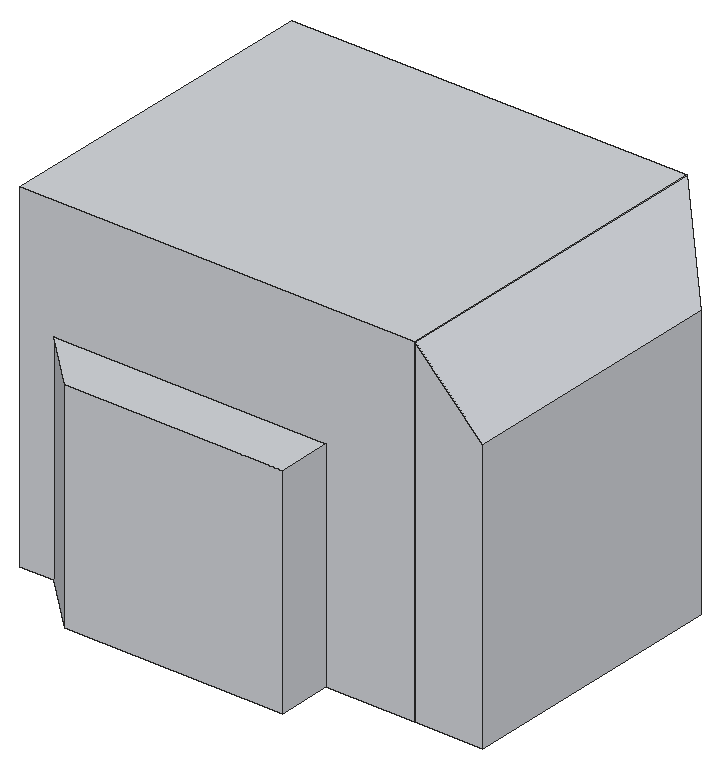
Revit family "矩形四通 - 单边 - 过渡件 - 底对齐", category 风管管件, Revit 2020
Family settings
  圆形连接件大小 = 使用直径
  零件类型 = 多个端口
  基于工作平面 = 否
  总是垂直 = 是
  加载时剪切的空心 = 否
  共享 = 否
Parameters (values of type "标准")
  默认高程 = 0 mm
  可见性 [instance] = not(风管高度 3 = 风管高度 4)  # yes
  偏移 9 [instance] = -半宽度 1 * 0.5  # -125 mm
  偏移 8 [instance] = 风管高度 4 * 0.5  # 125 mm
  偏移 7 [instance] = 风管高度 3 * 0.5  # 160 mm
  偏移 6 [instance] = -(风管高度 1 - 风管高度 4) * 0.5  # -125 mm
  偏移 5 [instance] = -(风管高度 1 - 风管高度 3) * 0.5  # -90 mm
  偏移 4 [instance] = (基座宽度 4 - 风管宽度 4) / 2  # 165 mm
  偏移 3 [instance] = -(基座宽度 3 - 风管宽度 3) / 2  # -165 mm
  偏移 2 [instance] = -(风管高度 1 - 风管高度 2) * 0.5  # -50 mm
  偏移 12 [instance] = -半高 2 * 0.5 + 偏移 2  # -150 mm
  偏移 11 [instance] = -半宽度 2 * 0.5 + 偏移 1  # -150 mm
  偏移 10 [instance] = -一半高度 1 * 0.5  # -125 mm
  偏移 1 [instance] = -(风管宽度 1 - 风管宽度 2) * 0.5  # -50 mm
  最大长度 34 [instance] = if(长度 3 > 长度 4, 长度 3 + 风管宽度 3 * 0.5, 长度 4 + 风管宽度 4 * 0.5)  # 490 mm
  最大风管高度 34 [instance] = if(风管高度 3 = 风管高度 4, 0.2 mm, if(偏移 7 > 偏移 8, 风管高度 1 * 0.5 - 偏移 8, 风管高度 1 * 0.5 - 偏移 7))  # 125 mm
  最大风管宽度 34 [instance] = if(风管宽度 3 > 风管宽度 4, 风管宽度 3 + 最大长度 34, 风管宽度 4 + 最大长度 34)  # 810 mm
  长度 5 [instance] = 25 mm  # constant formula
  长度 4 [instance] = if(风管宽度 4 * 0.25 < 75 mm, 75 mm + 风管宽度 1 * 0.5, 风管宽度 4 * 0.25 + 风管宽度 1 * 0.5)  # 325 mm
  长度 2 [instance] = if(abs(风管宽度 1 - 风管宽度 2) < 25 mm, 25 mm, if(abs(风管宽度 1 - 风管宽度 2) > 300 mm, 300 mm, abs(风管宽度 1 - 风管宽度 2)))  # 100 mm
  半宽度 4 [instance] = 风管宽度 4 * 0.5  # 125 mm
  半宽度 3 [instance] = 风管宽度 3 * 0.5  # 160 mm
  半宽度 2 [instance] = 风管宽度 2 * 0.5  # 200 mm
  半宽度 1 [instance] = 风管宽度 1 * 0.5  # 250 mm
  半高 2 [instance] = 风管高度 2 * 0.5  # 200 mm
  一半高度 1 [instance] = 风管高度 1 * 0.5  # 250 mm
  风管宽度 4 [instance] = 250 mm
  风管宽度 3 [instance] = 320 mm
  风管宽度 1 [instance] = 500 mm
  长度 3 [instance] = if(风管宽度 3 * 0.25 < 75 mm, 75 mm + 风管宽度 1 * 0.5, 风管宽度 3 * 0.25 + 风管宽度 1 * 0.5)  # 330 mm
  最大基准宽度 34 [instance] = if(基座宽度 3 > 基座宽度 4, 基座宽度 3, 基座宽度 4)  # 650 mm
  长度 1 [instance] = 最大长度 34 - 风管宽度 1 * 0.5 + 50 mm  # 290 mm
  风管宽度 2 [instance] = 400 mm
  风管高度 4 [instance] = 250 mm
  风管高度 3 [instance] = 320 mm
  风管高度 2 [instance] = 400 mm
  风管高度 1 [instance] = 500 mm
  基座宽度 4 [instance] = 长度 3 + 风管宽度 4  # 580 mm
  基座宽度 3 [instance] = 长度 3 + 风管宽度 3  # 650 mm
Reference planes
  plane 1 "中心(前/后)": y = 0
  plane 2: z = 0
  plane 3 "中心(左/右)": x = 0
  plane 4: x = -290
  plane 5: y = 325
  plane 6: x = 290
  plane 7: y = -330
  plane 8: z = 250
  plane 9: z = -250
  plane 10: x = 390
  plane 11: z = -90
  plane 12: z = -125
  plane 13: z = -125
  plane 14: z = -50
Forms (mm)
  Extrusion 1, void
    sketch origin (0, 0, 0) x (1, 0, 0) y (0, 1, 0)
      loop
        line (-290, 325) -> (-940, 325) -> (-940, -330) -> (-290, -330) -> (-290, 325)
    from -250 to 250
  Sweep 2, solid, detail levels medium+fine
    path in 3D
      loop
        line (-290, 0, 0) -> (290, 0, 0)
    profile "风管 - 矩形 : 风管 - 矩形 1" origin (0, 0, 0) x (0, 1, 0) y (0, 0, 1)
      loop
        line (-250, 250) -> (-250, -250) -> (250, -250) -> (250, 250) -> (-250, 250)
  SweptBlend 3, solid, detail levels medium+fine
    path in 3D
      loop
        line (0, 0, 0) -> (0, 325, 0)
    profile "风管 - 矩形 : 风管 - 基准 4" origin (0, 0, 0) x (-1, 0, 0) y (0, 0, 1)
      loop
        line (-125, 0) -> (-125, -250) -> (455, -250) -> (455, 0) -> (-125, 0)
    end profile "风管 - 矩形 : 风管 - 矩形 4" origin (0, 325, 0) x (-1, 0, 0) y (0, 0, 1)
      loop
        line (-125, 0) -> (-125, -250) -> (125, -250) -> (125, 0) -> (-125, 0)
  SweptBlend 4, solid, detail levels medium+fine
    path in 3D
      loop
        line (0, 0, 0) -> (0, -330, 0)
    profile "风管 - 矩形 : 风管 - 基准 3" origin (0, 0, 0) x (1, 0, 0) y (0, 0, 1)
      loop
        line (-490, 70) -> (-490, -250) -> (160, -250) -> (160, 70) -> (-490, 70)
    end profile "风管 - 矩形 : 风管 - 矩形 3" origin (0, -330, 0) x (1, 0, 0) y (0, 0, 1)
      loop
        line (-160, 70) -> (-160, -250) -> (160, -250) -> (160, 70) -> (-160, 70)
  Sweep 5, solid, not visible
    path in 3D
      loop
        line (-290, 0, 0) -> (290, 0, 0)
    profile origin (0, 0, 0) x (0, 1, 0) y (0, 0, 1)
      loop
        circle (0, 0) r 5
  SweptBlend 6, solid, detail levels medium+fine
    path in 3D
      loop
        line (290, 0, 0) -> (390, 0, 0)
    profile "风管 - 矩形 : 风管 - 矩形 1" origin (290, 0, 0) x (0, 1, 0) y (0, 0, 1)
      loop
        line (-250, 250) -> (-250, -250) -> (250, -250) -> (250, 250) -> (-250, 250)
    end profile "风管 - 矩形 : 风管 - 矩形 2" origin (390, 0, 0) x (0, 1, 0) y (0, 0, 1)
      loop
        line (-250, 150) -> (-250, -250) -> (150, -250) -> (150, 150) -> (-250, 150)
  SweptBlend 7, solid, not visible
    path in 3D
      loop
        line (290, 0, 0) -> (390, 0, 0)
    profile "风管 - 矩形 : 风管 - 一半 1" origin (290, 0, 0) x (0, 1, 0) y (0, 0, 1)
      loop
        line (-250, 0) -> (-250, -250) -> (0, -250) -> (0, 0) -> (-250, 0)
    end profile "风管 - 矩形 : 风管 - 一半 2" origin (390, 0, 0) x (0, 1, 0) y (0, 0, 1)
      loop
        line (-250, -50) -> (-250, -250) -> (-50, -250) -> (-50, -50) -> (-250, -50)
Cuts and joins
  Extrusion 1 cuts SweptBlend 3
  Extrusion 1 cuts SweptBlend 4
  joined: Sweep 2, SweptBlend 3, SweptBlend 4
Lines and regions (mm)
  reference lines
    curve 1: line (0, 0, 0) -> (0, 325, 0)
    curve 2: line (0, 0, 0) -> (0, -330, 0)
    curve 11: line (290, 0, 0) -> (390, 0, 0)
  model lines, style "DuctFitting"
    curve 3: line (-290, 0, 0) -> (290, 0, 0)
    curve 5: line (0, -330, -90) -> (0, 0, -90)
    curve 6: line (0, 325, -125) -> (0, 0, -125)
    curve 14: line (390, -50, -50) -> (290, 0, 0)
    curve 15: line (390, -50, -50) -> (290, 0, 0)
  sketch lines
    curve 4: line (-290, 0, 0) -> (290, 0, 0)
    curve 8: line (0, 0, 0) -> (0, 325, 0)
    curve 9: line (0, 0, 0) -> (0, -330, 0)
    curve 10: line (-290, 0, 0) -> (290, 0, 0)
    curve 12: line (290, 0, 0) -> (390, 0, 0)
    curve 13: line (290, 0, 0) -> (390, 0, 0)
  model lines, style "DuctFitting", visible <- "可见性"
    curve 7: line (0, 0, -125) -> (0, 0, 0)
Dimensions and locks
  "长度 4": plane 1 "中心(前/后)" to plane 5
  "长度 3": plane 7 to plane 1 "中心(前/后)"
  equal spacing: plane 4, plane 3 "中心(左/右)", plane 6
  "长度 1": plane 4 to plane 3 "中心(左/右)"
  equal spacing: plane 8, level, plane 9
  "风管高度 1": plane 8 to plane 9
  "长度 2": plane 6 to plane 10
  "最大基准宽度 34": Extrusion 1 sketch curve to plane 4
  "偏移 7": plane 11 to plane 9
  "偏移 8": plane 12 to plane 9
  "最大风管高度 34": plane 2 to plane 13
  "半高 2": plane 14 to plane 9
  radius of Sweep 5 sketch curve = 5 mm
  aligned and locked: plane 5 to curve 1
  aligned and locked: plane 7 to curve 2
  aligned and locked: plane 5 to Extrusion 1 sketch curve
  aligned and locked: Extrusion 1 sketch curve to plane 7
  aligned and locked: plane 4 to Extrusion 1 sketch curve
  aligned and locked: plane 8 to Extrusion 1
  aligned and locked: Extrusion 1 to plane 9
  aligned and locked: plane 6 to curve 3
  aligned and locked: plane 4 to curve 3
  aligned and locked: plane 1 "中心(前/后)" to curve 3
  aligned and locked: plane 1 "中心(前/后)" to curve 5
  aligned and locked: plane 7 to curve 5
  aligned and locked: plane 3 "中心(左/右)" to curve 5
  aligned and locked: plane 1 "中心(前/后)" to curve 6
  aligned and locked: plane 5 to curve 6
  aligned and locked: curve 6 to plane 3 "中心(左/右)"
  aligned and locked: plane 13 to curve 7
  aligned and locked: plane 2 to curve 7
  aligned and locked: plane 3 "中心(左/右)" to curve 7
  aligned and locked: plane 2 to Sweep 5 sketch curve
  aligned and locked: plane 1 "中心(前/后)" to Sweep 5 sketch curve
  aligned and locked: plane 10 to curve 11
  aligned and locked: plane 6 to curve 11
  aligned and locked: plane 1 "中心(前/后)" to curve 11
  aligned and locked: curve 14 to SweptBlend 7
  aligned and locked: curve 15 to SweptBlend 7
Automatic sketch dimensions
  curve 1 to plane 3 "中心(左/右)" = 0 mm
  plane 1 "中心(前/后)" to curve 2 = 0 mm
  curve 14 to SweptBlend 7 = 0 mm  (x2)
  curve 15 to SweptBlend 7 = 0 mm  (x2)
Connectors
  hvac at (-290, 0, 0), driven by "风管高度 1", driven by "风管宽度 1"
    settings: on cut or joined group of Extrusion 1, Sweep 2, SweptBlend 3, SweptBlend 4, index 1, duct flow 0.0 L/s, flow factor 0, pres drop 0.0 Pa, loss coef 0, conn angle 0.00°, conn width 500 mm, conn height 500 mm, conn diameter 609.6 mm, duct sys type 28, conn prof type 1, flow config 0, flow direction 0, loss method 0, conn ref index 2, conn util no, is conn primary yes, conn desc ""
  hvac at (390, -50, -50), driven by "风管高度 2", driven by "风管宽度 2"
    settings: on SweptBlend 6, index 2, duct flow 0.0 L/s, flow factor 0, pres drop 0.0 Pa, loss coef 0, conn angle 0.00°, conn width 400 mm, conn height 400 mm, conn diameter 609.6 mm, duct sys type 28, conn prof type 1, flow config 0, flow direction 0, loss method 0, conn ref index 1, conn util no, is conn primary no, conn desc ""
  hvac at (0, -330, -90), driven by "风管高度 3", driven by "风管宽度 3"
    settings: on cut or joined group of Extrusion 1, Sweep 2, SweptBlend 3, SweptBlend 4, index 3, duct flow 0.0 L/s, flow factor 0, pres drop 0.0 Pa, loss coef 0, conn angle 0.00°, conn width 320 mm, conn height 320 mm, conn diameter 609.6 mm, duct sys type 28, conn prof type 1, flow config 0, flow direction 0, loss method 0, conn ref index 4, conn util no, is conn primary no, conn desc ""
  hvac at (0, 325, -125), driven by "风管高度 4", driven by "风管宽度 4"
    settings: on cut or joined group of Extrusion 1, Sweep 2, SweptBlend 3, SweptBlend 4, index 4, duct flow 0.0 L/s, flow factor 0, pres drop 0.0 Pa, loss coef 0, conn angle 0.00°, conn width 250 mm, conn height 250 mm, conn diameter 609.6 mm, duct sys type 28, conn prof type 1, flow config 0, flow direction 0, loss method 0, conn ref index 3, conn util no, is conn primary no, conn desc ""
